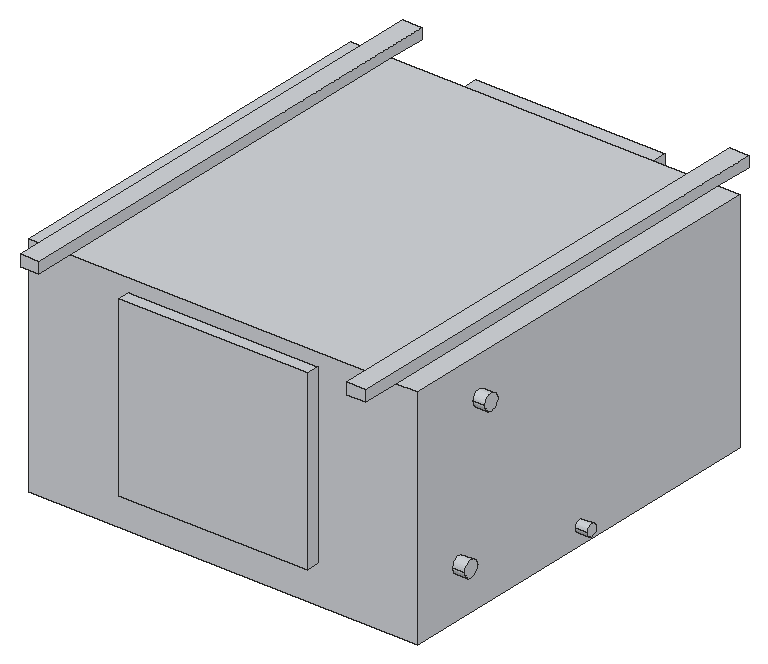
Revit family "753d2b8f4a0d4e01bcf18d68ef4fabc5", category Mechanical Equipment, Revit 2021
Family settings
  Round Connector Dimension = Use Radius
  Part Type = Normal
  OmniClass Number = 23.75.70.17.27
  OmniClass Title = Fan Coil Units
  Seek Item ID = Fan Coil Unit - Ceiling Ducted - CHW-0000-USA-ENU
  Work Plane-Based = No
  Always vertical = Yes
  Cut with Voids When Loaded = No
  Shared = No
  Room Calculation Point = No
Parameters (values of type "600 CFM")
  Water Pressure Drop [instance] = 1.40 psi
  Voltage = 120 V
  Unit Length = 2' - 7"
  Total Cooling Capacity = 19700 Btu/h
  Supply Water Radius = 5/8"
  Supply Water Diameter = 2 * Supply Water Radius  # 1 1/4"
  Supply Air Width = 15"
  Sensible Cooling Capacity = 14400 Btu/h
  Return Water Radius = 5/8"
  Return Water Diameter = 2 * Return Water Radius  # 1 1/4"
  Return Air Width = 15"
  Number of Poles = 1
  Nominal Air Flow [instance] = 600 CFM
  Load Classification = Cooling
  External Static Pressure [instance] = 0.30 in-wg
  Drain Flow [instance] = 0 GPM
  Default Elevation = 0' - 0"
  Chilled Water Flow [instance] = 4 GPM
  CFU Material = none
  Apparent Load = 265 VA
Types (9): name | Water Pressure Drop | Unit Length | Total Cooling Capacity | Supply Water Radius | Supply Water Diameter | Supply Air Width | Sensible Cooling Capacity | Return Water Radius | Return Water Diameter | Return Air Width | Nominal Air Flow | External Static Pressure | Chilled Water Flow | Apparent Load
  (no name) | 1.40 psi | 2' - 7" | 19700 Btu/h | 5/8" | 1 1/4" | 15" | 14400 Btu/h | 5/8" | 1 1/4" | 15" | 600 CFM | 0.30 in-wg | 4 GPM | 265 VA
  600 CFM | 1.40 psi | 2' - 7" | 19700 Btu/h | 5/8" | 1 1/4" | 15" | 14400 Btu/h | 5/8" | 1 1/4" | 15" | 600 CFM | 0.30 in-wg | 4 GPM | 265 VA
  800 CFM | 3.10 psi | 3' - 0" | 29400 Btu/h | 5/8" | 1 1/4" | 20" | 20600 Btu/h | 5/8" | 1 1/4" | 20" | 800 CFM | -0.30 in-wg | 6 GPM | 310 VA
  1000 CFM | 6.50 psi | 3' - 4" | 38500 Btu/h | 7/8" | 1 3/4" | 24" | 26400 Btu/h | 7/8" | 1 3/4" | 24" | 1000 CFM | -0.30 in-wg | 8 GPM | 440 VA
  1200 CFM | 13.00 psi | 3' - 9" | 47600 Btu/h | 7/8" | 1 3/4" | 29" | 32300 Btu/h | 7/8" | 1 3/4" | 29" | 1200 CFM | -0.30 in-wg | 10 GPM | 550 VA
  1400 CFM | 21.00 psi | 4' - 2" | 52800 Btu/h | 1 1/8" | 2 1/4" | 34" | 36500 Btu/h | 1 1/8" | 2 1/4" | 34" | 1400 CFM | -0.30 in-wg | 11 GPM | 690 VA
  1600 CFM | 25.00 psi | 4' - 7" | 64700 Btu/h | 1 1/8" | 2 1/4" | 39" | 43600 Btu/h | 1 1/8" | 2 1/4" | 39" | 1600 CFM | -0.30 in-wg | 15 GPM | 900 VA
  1800 CFM | 25.00 psi | 5' - 0" | 75700 Btu/h | 1 1/8" | 2 1/4" | 44" | 50400 Btu/h | 1 1/8" | 2 1/4" | 44" | 1800 CFM | -0.30 in-wg | 19 GPM | 1015 VA
  2000 CFM | 25.00 psi | 5' - 4" | 82400 Btu/h | 1 1/8" | 2 1/4" | 48" | 55200 Btu/h | 1 1/8" | 2 1/4" | 48" | 2000 CFM | -0.30 in-wg | 19 GPM | 1020 VA
Reference planes (in)
  plane 1 "Center (Front/Back)": y = 0
  plane 2: z = 0
  plane 3 "Center (Left/Right)": x = 0
  plane 4: x = 31
  plane 5: x = 15.5
  plane 6: x = 8
  plane 7: x = 23
  plane 8: y = 32
  plane 9: y = 35
  plane 10: y = -3
  plane 11: z = 18
  plane 12: z = 18.875
  plane 13: x = 2.5
  plane 14: x = 28.5
  plane 15: x = 1.75
  plane 16: x = 3.25
  plane 17: x = 29.25
  plane 18: x = 27.75
  plane 19: y = 34.5
  plane 20: y = -1
  plane 21: z = 3
  plane 22: z = 17
  plane 23: x = 8
  plane 24: x = 23
  plane 25: y = 6
  plane 26: z = 15
  plane 27: y = 4
  plane 28: z = 4
  plane 29: y = 16
  plane 30: z = 1.5
  plane 31: x = 32
  plane 32: y = 30
Forms (in)
  Extrusion 1, solid, material <- "CFU Material"
    sketch origin (0, 0, 0) x (1, 0, 0) y (0, 1, 0)
      loop
        line (0, 32) -> (0, 0) -> (31, 0) -> (31, 32) -> (0, 32)
    from 0 to 18
  Extrusion 2, solid, material <- "CFU Material"
    sketch origin (0, 0, 0) x (1, 0, 0) y (0, 1, 0)
      loop
        line (1.75, 35) -> (1.75, -3) -> (3.25, -3) -> (3.25, 35) -> (1.75, 35)
    from 18 to 18.875
  Extrusion 3, solid, material <- "CFU Material"
    sketch origin (0, 0, 0) x (1, 0, 0) y (0, 1, 0)
      loop
        line (27.75, 35) -> (27.75, -3) -> (29.25, -3) -> (29.25, 35) -> (27.75, 35)
    from 18 to 18.875
  Extrusion 4, solid, material <- "CFU Material"
    sketch origin (0, 0, 0) x (1, 0, 0) y (0, 1, 0)
      loop
        line (8, 34.5) -> (8, 32) -> (23, 32) -> (23, 34.5) -> (8, 34.5)
    from 3 to 17
  Extrusion 5, solid, material <- "CFU Material"
    sketch origin (0, 0, 0) x (1, 0, 0) y (0, 1, 0)
      loop
        line (8, 0) -> (8, -1) -> (23, -1) -> (23, 0) -> (8, 0)
    from 3 to 17
  Extrusion 6, solid, material <- "CFU Material"
    sketch origin (0, 0, 0) x (0, 1, 0) y (0, 0, 1)
      loop
        circle (6, 15) r 0.625
    from 31 to 32
  Extrusion 7, solid, material <- "CFU Material"
    sketch origin (0, 0, 0) x (0, 1, 0) y (0, 0, 1)
      loop
        circle (4, 4) r 0.625
    from 31 to 32
  Extrusion 8, solid, material <- "CFU Material"
    sketch origin (0, 0, 0) x (0, 1, 0) y (0, 0, 1)
      loop
        circle (16, 1.5) r 0.4375
    from 31 to 32
  Extrusion 9, solid, material <- "CFU Material"
    sketch origin (0, 0, 0) x (0, 1, 0) y (0, 0, 1)
      loop
        circle (30, 15) r 1
    from 29.25 to 31
Cuts and joins
  joined: Extrusion 1, Extrusion 2, Extrusion 3, Extrusion 4, Extrusion 5, Extrusion 6, Extrusion 7, Extrusion 8, Extrusion 9
Dimensions and locks (in)
  equal spacing: plane 3 "Center (Left/Right)", plane 5, plane 4
  equal spacing: plane 6, plane 5, plane 7
  "Unit Length": plane 3 "Center (Left/Right)" to plane 4
  "Return Air Width": plane 6 to plane 7
  locked: plane 8 to plane 1 "Center (Front/Back)" at 32
  locked: plane 1 "Center (Front/Back)" to plane 10 at 3
  locked: plane 9 to plane 8 at 3
  locked: plane 11 to plane 2 at 18
  locked: plane 12 to plane 11 at 0.875
  locked: plane 3 "Center (Left/Right)" to plane 13 at 2.5
  locked: plane 14 to plane 4 at 2.5
  locked: plane 1 "Center (Front/Back)" to plane 20 at 1
  locked: plane 2 to plane 21 at 3
  locked: plane 21 to plane 22 at 14
  equal spacing: plane 23, plane 5, plane 24
  "Supply Air Width": plane 23 to plane 24
  equal spacing: plane 15, plane 13, plane 16
  locked: plane 13 to plane 16 at 0.75
  equal spacing: plane 18, plane 14, plane 17
  locked: plane 18 to plane 14 at 0.75
  locked: plane 26 to plane 11 at 3
  locked: plane 1 "Center (Front/Back)" to plane 25 at 6
  locked: plane 2 to plane 28 at 4
  locked: plane 1 "Center (Front/Back)" to plane 27 at 4
  locked: plane 1 "Center (Front/Back)" to plane 29 at 16
  locked: plane 2 to plane 30 at 1.5
  locked: plane 4 to plane 31 at 1
  locked: plane 32 to plane 8 at 2
  locked: plane 8 to plane 19 at 2.5
  "Return Water Radius": radius of Extrusion 6 sketch curve
  "Supply Water Radius": radius of Extrusion 7 sketch curve
  aligned and locked: plane 3 "Center (Left/Right)" to Extrusion 1 sketch curve
  aligned and locked: Extrusion 1 sketch curve to plane 4
  aligned and locked: Extrusion 1 sketch curve to plane 8
  aligned and locked: Extrusion 1 sketch curve to plane 1 "Center (Front/Back)"
  aligned and locked: plane 11 to Extrusion 1
  aligned and locked: Extrusion 1 to plane 2
  aligned and locked: Extrusion 2 sketch curve to plane 15
  aligned and locked: plane 16 to Extrusion 2 sketch curve
  aligned and locked: Extrusion 2 sketch curve to plane 9
  aligned and locked: plane 10 to Extrusion 2 sketch curve
  aligned and locked: Extrusion 3 sketch curve to plane 18
  aligned and locked: plane 17 to Extrusion 3 sketch curve
  aligned and locked: Extrusion 3 sketch curve to plane 9
  aligned and locked: plane 10 to Extrusion 3 sketch curve
  aligned and locked: plane 12 to Extrusion 3
  aligned and locked: Extrusion 3 to plane 11
  aligned and locked: plane 12 to Extrusion 2
  aligned and locked: Extrusion 2 to plane 11
  aligned and locked: plane 8 to Extrusion 4 sketch curve
  aligned and locked: plane 19 to Extrusion 4 sketch curve
  aligned and locked: plane 6 to Extrusion 4 sketch curve
  aligned and locked: plane 7 to Extrusion 4 sketch curve
  aligned and locked: plane 22 to Extrusion 4
  aligned and locked: plane 21 to Extrusion 4
  aligned and locked: plane 23 to Extrusion 5 sketch curve
  aligned and locked: Extrusion 5 sketch curve to plane 24
  aligned and locked: plane 1 "Center (Front/Back)" to Extrusion 5 sketch curve
  aligned and locked: Extrusion 5 sketch curve to plane 20
  aligned and locked: plane 22 to Extrusion 5
  aligned and locked: Extrusion 5 to plane 21
  aligned and locked: plane 26 to Extrusion 6 sketch curve
  aligned and locked: plane 25 to Extrusion 6 sketch curve
  aligned and locked: plane 28 to Extrusion 7 sketch curve
  aligned and locked: plane 27 to Extrusion 7 sketch curve
  aligned and locked: Extrusion 6 to plane 31
  aligned and locked: Extrusion 6 to plane 4
  aligned and locked: Extrusion 7 to plane 31
  aligned and locked: Extrusion 7 to plane 4
  aligned and locked: plane 30 to Extrusion 8 sketch curve
  aligned and locked: plane 29 to Extrusion 8 sketch curve
  aligned and locked: Extrusion 8 to plane 31
  aligned and locked: Extrusion 8 to plane 4
  aligned and locked: plane 26 to Extrusion 9 sketch curve
  aligned and locked: plane 32 to Extrusion 9 sketch curve
  aligned and locked: Extrusion 1 to Extrusion 9
  aligned and locked: plane 17 to Extrusion 9
Automatic sketch dimensions
  radius of Extrusion 8 sketch curve = 0' - 0 7/16"
  radius of Extrusion 9 sketch curve = 0' - 1"
Connectors (in)
  piping at (32, 4, 4), diameter 1.25, driven by "Chilled Water Flow", driven by "Supply Water Radius"
    settings: on cut or joined group 1 (Extrusion 1, Extrusion 2, Extrusion 3, Extrusion 4, Extrusion 5, Extrusion 6, Extrusion 7, Extrusion 8, Extrusion 9), index 1, connector inside diameter 1 1/4", connector length 0' - 0", flow factor 0, pipe flow 4 GPM, pressure drop 0.00 psi, fitting loss kfactor 0, connector angle 0.00°, fixture units 0, engagement length 0' - 0", angle of deflection 0.00°, flow configuration 1, flow direction 1, fitting loss method 0, system type 7, joint type 0, gender type 0, connector reference index 2, connector utility 0, adjustable connector no, is connector primary yes, connector description "Chilled Water,In"
  piping at (32, 6, 15), diameter 1.25, driven by "Chilled Water Flow", driven by "Water Pressure Drop", driven by "Return Water Radius"
    settings: on cut or joined group 1, index 2, connector inside diameter 1 1/4", connector length 0' - 0", flow factor 0, pipe flow 4 GPM, pressure drop 1.40 psi, fitting loss kfactor 0, connector angle 0.00°, fixture units 0, engagement length 0' - 0", angle of deflection 0.00°, flow configuration 1, flow direction 2, fitting loss method 4, system type 8, joint type 0, gender type 0, connector reference index 1, connector utility 0, adjustable connector no, is connector primary no, connector description "Chilled Water,Out"
  piping at (32, 16, 1.5), diameter 0.875, driven by "Drain Flow"
    settings: on cut or joined group 1, index 3, connector inside diameter 7/8", connector length 0' - 0", flow factor 0, pipe flow 0 GPM, pressure drop 0.00 psi, fitting loss kfactor 0, connector angle 0.00°, fixture units 0, engagement length 0' - 0", angle of deflection 0.00°, flow configuration 1, flow direction 2, fitting loss method 0, system type 16, joint type 0, gender type 0, connector reference index -1, connector utility 0, adjustable connector yes, is connector primary no, connector description "Drain,Out"
  hvac at (15.5, -1, 10), driven by "Nominal Air Flow", driven by "Supply Air Width"
    settings: on Extrusion 5, index 4, duct flow 600 CFM, flow factor 0, pres drop 0.00 in-wg, loss coef 0, conn angle 0.00°, conn width 15", conn height 14", conn diameter 24", duct sys type 1, conn prof type 1, flow config 0, flow direction 2, loss method 0, conn ref index 5, conn util no, is conn primary yes, conn desc ""
  hvac at (15.5, 34.5, 10), driven by "Nominal Air Flow", driven by "Return Air Width"
    settings: on Extrusion 4, index 5, duct flow 600 CFM, flow factor 0, pres drop 0.00 in-wg, loss coef 0, conn angle 0.00°, conn width 15", conn height 14", conn diameter 24", duct sys type 2, conn prof type 1, flow config 0, flow direction 1, loss method 0, conn ref index 4, conn util no, is conn primary no, conn desc ""
  electrical at (31, 30, 15), driven by "Apparent Load", driven by "Voltage", driven by "Number of Poles", driven by "Load Classification"
    settings: on Extrusion 9, index 6, voltage 120 V, apparent load 265 VA, apparent load phase1 0 VA, apparent load phase2 0 VA, apparent load phase3 0 VA, power factor 0.8, load classification "Cooling", number of poles 1, system type 30, power factor state 1, is connector primary yes, connector utility no, sub classification motor no, connector description ""
